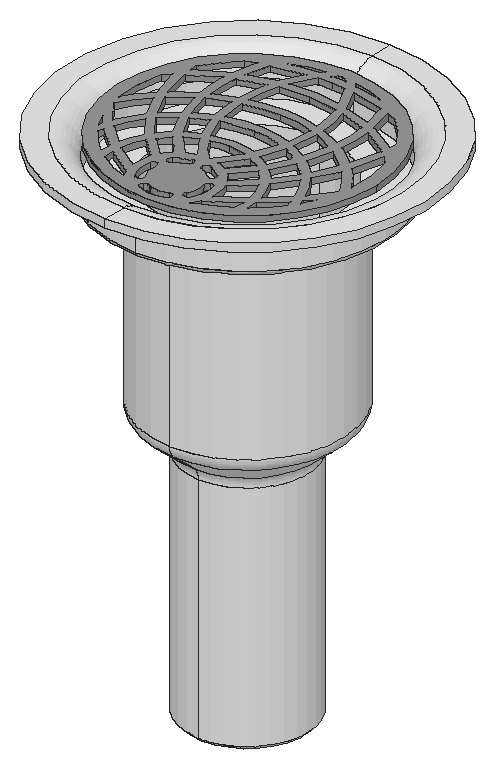
Revit family "PX_Siphon-Purus-Brage-Floor-Drain-75-SS-Drain-Grill", category Plumbing Fixtures, Revit 2016
Family settings
  Part Type = Normal
  Round Connector Dimension = Use Diameter
  Work Plane-Based = No
  Always vertical = Yes
  Cut with Voids When Loaded = No
  Shared = No
  Room Calculation Point = No
Parameters (values of type "PA_SIPHON PURUS BRAGE_Floor Drain_75 SS Drain Grill")
  URL = "https://www.fisa.co.za/"
  Tolani Civil Projects cc URL = "www.tcpbim.co.za"
  Stainless Steel = Stainless Steel, Polished
  PVC = PVC, Unplasticized
  Model = "SIPHON PURUS BRAGE 75 Drain Grill SS"
  Manufacturer = "Floor International"
  Created by = "Tolani Civil Projects cc"
  Contact = "+2711-4864900"
Reference planes
  plane 1 "Center (Front/Back)": y = 0
  plane 2: z = 0
  plane 3 "Center (Left/Right)": x = 0
  plane 4: z = -3.437
  plane 5: z = -320
Forms (mm)
  Revolve 1, solid, material "PVC, Unplasticized" <- "PVC"
    sketch origin (0, 0, 0) x (0, 1, 0) y (0, 0, 1)
      loop
        line (-37.5, -317.912) -> (-35.412, -320) -> (-32.5, -320) -> (-32.5, -174.663)
        arc (-32.5, -174.663) -> (-33.905, -168.324) -> (-37.858, -163.172) r 15
        line (-37.858, -163.172) -> (-53.214, -150.287)
        arc (-53.214, -150.287) -> (-54.532, -148.57) -> (-55, -146.457) r 5
        line (-55, -146.457) -> (-55, -25) -> (-81, -25) -> (-81, -13.437)
        arc (-81, -13.437) -> (-85.393, -2.831) -> (-96, 1.563) r 15
        line (-96, 1.563) -> (-110, 1.563) -> (-110, -3.437) -> (-96, -3.437)
        arc (-96, -3.437) -> (-88.929, -6.366) -> (-86, -13.437) r 10
        line (-86, -13.437) -> (-86, -27.5)
        arc (-86, -27.5) -> (-85.268, -29.268) -> (-83.5, -30) r 2.5
        line (-83.5, -30) -> (-60, -30) -> (-60, -146.457)
        arc (-60, -146.457) -> (-59.063, -150.683) -> (-56.428, -154.118) r 10
        line (-56.428, -154.118) -> (-41.072, -167.003)
        arc (-41.072, -167.003) -> (-38.437, -170.437) -> (-37.5, -174.663) r 10
        line (-37.5, -174.663) -> (-37.5, -317.912)
      axis (0, -320) -> (0, 1.563)
    angle from 0 to 360
  Extrusion 2, solid, material "Stainless Steel, Polished" <- "Stainless Steel"
    sketch origin (0, 0, 0) x (1, 0, 0) y (0, 1, 0)
      loop
        circle (0, 0) r 80
      loop
        arc (-4.286, -40.625) -> (-2.996, -39.724) -> (-2.5, -38.229) r 2.5
        arc (-2.5, -38.229) -> (-3.506, -36.225) -> (-5.714, -35.834) r 2.5
        arc (-5.714, -35.834) -> (-10.301, -37.857) -> (-14.24, -40.957) r 20
        arc (-14.24, -40.957) -> (-14.931, -43.09) -> (-13.634, -44.919) r 2.5
        arc (-13.634, -44.919) -> (-12.082, -45.183) -> (-10.68, -44.467) r 2.5
        arc (-10.68, -44.467) -> (-7.726, -42.142) -> (-4.286, -40.625) r 15
      loop
        arc (0, -30) -> (5.807, -23.304) -> (10.786, -15.97) r 75.15
        arc (10.786, -15.97) -> (5.442, -14.875) -> (0, -14.507) r 40.493
        arc (0, -14.507) -> (-5.442, -14.875) -> (-10.786, -15.97) r 40.493
        arc (-10.786, -15.97) -> (-5.807, -23.304) -> (0, -30) r 75.15
      loop
        arc (6.123, -30.761) -> (9.359, -31.818) -> (12.421, -33.304) r 25
        arc (12.421, -33.304) -> (17.856, -27.639) -> (22.761, -21.51) r 87.594
        arc (22.761, -21.51) -> (19.281, -19.393) -> (15.606, -17.636) r 40.493
        arc (15.606, -17.636) -> (11.197, -24.439) -> (6.123, -30.761) r 80.15
      loop
        arc (16.554, -36.266) -> (18.896, -38.631) -> (20.903, -41.287) r 25
        arc (20.903, -41.287) -> (26.794, -36.14) -> (32.313, -30.597) r 112.609
        arc (32.313, -30.597) -> (29.668, -27.442) -> (26.717, -24.572) r 40.493
        arc (26.717, -24.572) -> (21.88, -30.632) -> (16.554, -36.266) r 92.594
      loop
        arc (23.252, -45.816) -> (24.794, -51.8) -> (24.822, -57.98) r 25
        arc (24.822, -57.98) -> (32.51, -53.201) -> (39.87, -47.93) r 138.78
        arc (39.87, -47.93) -> (38.07, -41.204) -> (35.144, -34.887) r 40.493
        arc (35.144, -34.887) -> (29.386, -40.556) -> (23.252, -45.816) r 117.609
      loop
        arc (23.049, -64.681) -> (21.81, -67.22) -> (20.292, -69.602) r 25
        arc (20.292, -69.602) -> (30.563, -65.743) -> (40.134, -60.378) r 72.5
        arc (40.134, -60.378) -> (40.44, -57.06) -> (40.473, -53.728) r 40.493
        arc (40.473, -53.728) -> (31.957, -59.517) -> (23.049, -64.681) r 143.78
      loop
        arc (35.691, -26.791) -> (40.321, -20.949) -> (44.554, -14.814) r 112.609
        arc (44.554, -14.814) -> (40.752, -10.963) -> (36.618, -7.47) r 60
        arc (36.618, -7.47) -> (33.355, -14.092) -> (29.576, -20.433) r 92.594
        arc (29.576, -20.433) -> (32.788, -23.464) -> (35.691, -26.791) r 45.493
      loop
        arc (58.696, -42.557) -> (58.262, -40.665) -> (57.768, -38.788) r 60
        arc (57.768, -38.788) -> (51.663, -44.621) -> (45.226, -50.086) r 143.78
        arc (45.226, -50.086) -> (45.46, -53.274) -> (45.469, -56.47) r 45.493
        arc (45.469, -56.47) -> (52.545, -49.953) -> (58.696, -42.557) r 72.5
      loop
        arc (69.952, -16.184) -> (64.512, -7.691) -> (58.047, 0.05) r 80
        arc (58.047, 0.05) -> (54.633, -7.277) -> (50.723, -14.353) r 117.609
        arc (50.723, -14.353) -> (55.731, -21.548) -> (59.725, -29.351) r 65
        arc (59.725, -29.351) -> (65.037, -22.921) -> (69.952, -16.184) r 138.78
      loop
        arc (28.27, 66.761) -> (18.984, 69.97) -> (9.35, 71.895) r 72.5
        arc (9.35, 71.895) -> (10.262, 70.706) -> (11.152, 69.502) r 80.15
        arc (11.152, 69.502) -> (19.758, 68.429) -> (28.27, 66.761) r 125
      loop
        arc (44.248, -44.431) -> (50.279, -39.104) -> (55.991, -33.437) r 138.78
        arc (55.991, -33.437) -> (52.45, -25.862) -> (47.89, -18.853) r 60
        arc (47.89, -18.853) -> (43.47, -25.084) -> (38.656, -31.014) r 117.609
        arc (38.656, -31.014) -> (41.991, -37.498) -> (44.248, -44.431) r 45.493
      loop
        arc (25.591, -17.388) -> (29.287, -11.102) -> (32.446, -4.53) r 87.594
        arc (32.446, -4.53) -> (27.952, -1.909) -> (23.247, 0.313) r 60
        arc (23.247, 0.313) -> (20.922, -6.569) -> (17.983, -13.213) r 80.15
        arc (17.983, -13.213) -> (21.887, -15.119) -> (25.591, -17.388) r 45.493
      loop
        arc (62.422, -36.875) -> (64.468, -33.168) -> (66.294, -29.348) r 72.5
        arc (66.294, -29.348) -> (64.04, -32.011) -> (61.722, -34.619) r 143.78
        arc (61.722, -34.619) -> (62.082, -35.744) -> (62.422, -36.875) r 65
      loop
        arc (47.262, -10.376) -> (50.983, -3.391) -> (54.205, 3.837) r 112.609
        arc (54.205, 3.837) -> (48.747, 8.433) -> (42.901, 12.524) r 80
        arc (42.901, 12.524) -> (41.067, 4.825) -> (38.583, -2.69) r 92.594
        arc (38.583, -2.69) -> (43.094, -6.339) -> (47.262, -10.376) r 65
      loop
        arc (34.322, 0.2) -> (36.651, 7.626) -> (38.313, 15.229) r 87.594
        arc (38.313, 15.229) -> (32.443, 18.126) -> (26.355, 20.534) r 80
        arc (26.355, 20.534) -> (25.794, 12.827) -> (24.492, 5.209) r 80.15
        arc (24.492, 5.209) -> (29.513, 2.913) -> (34.322, 0.2) r 65
      loop
        arc (19.748, 6.927) -> (20.949, 14.468) -> (21.378, 22.091) r 75.15
        arc (21.378, 22.091) -> (10.788, 24.269) -> (0, 25) r 80
        arc (0, 25) -> (-10.788, 24.269) -> (-21.378, 22.091) r 80
        arc (-21.378, 22.091) -> (-20.949, 14.468) -> (-19.748, 6.927) r 75.15
        arc (-19.748, 6.927) -> (-9.993, 9.227) -> (0, 10) r 65
        arc (0, 10) -> (9.993, 9.227) -> (19.748, 6.927) r 65
      loop
        arc (13.257, -11.482) -> (16.23, -4.838) -> (18.547, 2.062) r 75.15
        arc (18.547, 2.062) -> (9.389, 4.261) -> (0, 5) r 60
        arc (0, 5) -> (-9.389, 4.261) -> (-18.547, 2.062) r 60
        arc (-18.547, 2.062) -> (-16.23, -4.838) -> (-13.257, -11.482) r 75.15
        arc (-13.257, -11.482) -> (-6.702, -10.004) -> (0, -9.507) r 45.493
        arc (0, -9.507) -> (6.702, -10.004) -> (13.257, -11.482) r 45.493
      loop
        arc (71.861, -9.602) -> (72.299, 5.395) -> (69.64, 20.161) r 72.5
        arc (69.64, 20.161) -> (67.506, 22.084) -> (65.318, 23.947) r 102.465
        arc (65.318, 23.947) -> (63.085, 14.433) -> (60.07, 5.138) r 117.609
        arc (60.07, 5.138) -> (66.376, -1.904) -> (71.861, -9.602) r 85
      loop
        arc (56.097, 8.86) -> (58.876, 18.043) -> (60.863, 27.43) r 112.609
        arc (60.863, 27.43) -> (52.816, 32.803) -> (44.299, 37.394) r 102.465
        arc (44.299, 37.394) -> (44.552, 27.614) -> (43.773, 17.863) r 92.594
        arc (43.773, 17.863) -> (50.137, 13.639) -> (56.097, 8.86) r 85
      loop
        arc (39.057, 20.496) -> (39.586, 30.112) -> (39.056, 39.729) r 87.594
        arc (39.056, 39.729) -> (31.238, 42.587) -> (23.215, 44.8) r 102.465
        arc (23.215, 44.8) -> (25.334, 35.406) -> (26.31, 25.826) r 80.15
        arc (26.31, 25.826) -> (32.792, 23.42) -> (39.057, 20.496) r 85
      loop
        arc (21.226, 27.307) -> (20.019, 36.736) -> (17.632, 45.936) r 75.15
        arc (17.632, 45.936) -> (8.849, 47.082) -> (0, 47.465) r 102.465
        arc (0, 47.465) -> (-8.849, 47.082) -> (-17.632, 45.936) r 102.465
        arc (-17.632, 45.936) -> (-20.019, 36.736) -> (-21.226, 27.307) r 75.15
        arc (-21.226, 27.307) -> (-10.698, 29.324) -> (0, 30) r 85
        arc (0, 30) -> (10.698, 29.324) -> (21.226, 27.307) r 85
      loop
        arc (21.399, 50.312) -> (29.917, 48.216) -> (38.235, 45.433) r 107.465
        arc (38.235, 45.433) -> (36.597, 52.792) -> (34.333, 59.984) r 87.594
        arc (34.333, 59.984) -> (24.624, 62.446) -> (14.744, 64.091) r 120
        arc (14.744, 64.091) -> (18.401, 57.361) -> (21.399, 50.312) r 80.15
      loop
        arc (15.633, 51.321) -> (12.36, 58.196) -> (8.409, 64.705) r 75.15
        arc (8.409, 64.705) -> (4.207, 64.926) -> (0, 65) r 120
        arc (0, 65) -> (-4.207, 64.926) -> (-8.409, 64.705) r 120
        arc (-8.409, 64.705) -> (-12.36, 58.196) -> (-15.633, 51.321) r 75.15
        arc (-15.633, 51.321) -> (-7.837, 52.178) -> (0, 52.465) r 107.465
        arc (0, 52.465) -> (7.837, 52.178) -> (15.633, 51.321) r 107.465
      loop
        arc (4.531, 69.918) -> (3.463, 71.202) -> (2.367, 72.461) r 75.15
        arc (2.367, 72.461) -> (1.183, 72.49) -> (0, 72.5) r 72.5
        arc (0, 72.5) -> (-1.183, 72.49) -> (-2.367, 72.461) r 72.5
        arc (-2.367, 72.461) -> (-3.463, 71.202) -> (-4.531, 69.918) r 75.15
        arc (-4.531, 69.918) -> (-2.266, 69.979) -> (0, 70) r 125
        arc (0, 70) -> (2.266, 69.979) -> (4.531, 69.918) r 125
      loop
        arc (43.656, 43.198) -> (52.901, 38.542) -> (61.656, 33.018) r 107.465
        arc (61.656, 33.018) -> (61.891, 35.229) -> (62.082, 37.444) r 112.609
        arc (62.082, 37.444) -> (55.046, 47.182) -> (46.498, 55.625) r 72.5
        arc (46.498, 55.625) -> (43.402, 56.876) -> (40.272, 58.041) r 120
        arc (40.272, 58.041) -> (42.269, 50.689) -> (43.656, 43.198) r 92.594
      loop
        arc (-6.123, -30.761) -> (-11.197, -24.439) -> (-15.606, -17.636) r 80.15
        arc (-15.606, -17.636) -> (-19.281, -19.393) -> (-22.761, -21.51) r 40.493
        arc (-22.761, -21.51) -> (-17.856, -27.639) -> (-12.421, -33.304) r 87.594
        arc (-12.421, -33.304) -> (-9.359, -31.818) -> (-6.123, -30.761) r 25
      loop
        arc (-16.554, -36.266) -> (-21.88, -30.632) -> (-26.717, -24.572) r 92.594
        arc (-26.717, -24.572) -> (-29.668, -27.442) -> (-32.313, -30.597) r 40.493
        arc (-32.313, -30.597) -> (-26.794, -36.14) -> (-20.903, -41.287) r 112.609
        arc (-20.903, -41.287) -> (-18.896, -38.631) -> (-16.554, -36.266) r 25
      loop
        arc (-23.252, -45.816) -> (-29.386, -40.556) -> (-35.144, -34.887) r 117.609
        arc (-35.144, -34.887) -> (-38.07, -41.204) -> (-39.87, -47.93) r 40.493
        arc (-39.87, -47.93) -> (-32.51, -53.201) -> (-24.822, -57.98) r 138.78
        arc (-24.822, -57.98) -> (-24.794, -51.8) -> (-23.252, -45.816) r 25
      loop
        arc (-23.049, -64.681) -> (-31.957, -59.517) -> (-40.473, -53.728) r 143.78
        arc (-40.473, -53.728) -> (-40.44, -57.06) -> (-40.134, -60.378) r 40.493
        arc (-40.134, -60.378) -> (-30.563, -65.743) -> (-20.292, -69.602) r 72.5
        arc (-20.292, -69.602) -> (-21.81, -67.22) -> (-23.049, -64.681) r 25
      loop
        arc (-35.691, -26.791) -> (-32.788, -23.464) -> (-29.576, -20.433) r 45.493
        arc (-29.576, -20.433) -> (-33.355, -14.092) -> (-36.618, -7.47) r 92.594
        arc (-36.618, -7.47) -> (-40.752, -10.963) -> (-44.554, -14.814) r 60
        arc (-44.554, -14.814) -> (-40.321, -20.949) -> (-35.691, -26.791) r 112.609
      loop
        arc (-58.696, -42.557) -> (-52.545, -49.953) -> (-45.469, -56.47) r 72.5
        arc (-45.469, -56.47) -> (-45.46, -53.274) -> (-45.226, -50.086) r 45.493
        arc (-45.226, -50.086) -> (-51.663, -44.621) -> (-57.768, -38.788) r 143.78
        arc (-57.768, -38.788) -> (-58.262, -40.665) -> (-58.696, -42.557) r 60
      loop
        arc (-69.952, -16.184) -> (-65.037, -22.921) -> (-59.725, -29.351) r 138.78
        arc (-59.725, -29.351) -> (-55.731, -21.548) -> (-50.723, -14.353) r 65
        arc (-50.723, -14.353) -> (-54.633, -7.277) -> (-58.047, 0.05) r 117.609
        arc (-58.047, 0.05) -> (-64.512, -7.691) -> (-69.952, -16.184) r 80
      loop
        arc (-28.27, 66.761) -> (-19.758, 68.429) -> (-11.152, 69.502) r 125
        arc (-11.152, 69.502) -> (-10.262, 70.706) -> (-9.35, 71.895) r 80.15
        arc (-9.35, 71.895) -> (-18.984, 69.97) -> (-28.27, 66.761) r 72.5
      loop
        arc (-44.248, -44.431) -> (-41.991, -37.498) -> (-38.656, -31.014) r 45.493
        arc (-38.656, -31.014) -> (-43.47, -25.084) -> (-47.89, -18.853) r 117.609
        arc (-47.89, -18.853) -> (-52.45, -25.862) -> (-55.991, -33.437) r 60
        arc (-55.991, -33.437) -> (-50.279, -39.104) -> (-44.248, -44.431) r 138.78
      loop
        arc (-25.591, -17.388) -> (-21.887, -15.119) -> (-17.983, -13.213) r 45.493
        arc (-17.983, -13.213) -> (-20.922, -6.569) -> (-23.247, 0.313) r 80.15
        arc (-23.247, 0.313) -> (-27.952, -1.909) -> (-32.446, -4.53) r 60
        arc (-32.446, -4.53) -> (-29.287, -11.102) -> (-25.591, -17.388) r 87.594
      loop
        arc (-62.422, -36.875) -> (-62.082, -35.744) -> (-61.722, -34.619) r 65
        arc (-61.722, -34.619) -> (-64.04, -32.011) -> (-66.294, -29.348) r 143.78
        arc (-66.294, -29.348) -> (-64.468, -33.168) -> (-62.422, -36.875) r 72.5
      loop
        arc (-47.262, -10.376) -> (-43.094, -6.339) -> (-38.583, -2.69) r 65
        arc (-38.583, -2.69) -> (-41.067, 4.825) -> (-42.901, 12.524) r 92.594
        arc (-42.901, 12.524) -> (-48.747, 8.433) -> (-54.205, 3.837) r 80
        arc (-54.205, 3.837) -> (-50.983, -3.391) -> (-47.262, -10.376) r 112.609
      loop
        arc (-34.322, 0.2) -> (-29.513, 2.913) -> (-24.492, 5.209) r 65
        arc (-24.492, 5.209) -> (-25.794, 12.827) -> (-26.355, 20.534) r 80.15
        arc (-26.355, 20.534) -> (-32.443, 18.126) -> (-38.313, 15.229) r 80
        arc (-38.313, 15.229) -> (-36.651, 7.626) -> (-34.322, 0.2) r 87.594
      loop
        arc (-71.861, -9.602) -> (-66.376, -1.904) -> (-60.07, 5.138) r 85
        arc (-60.07, 5.138) -> (-63.085, 14.433) -> (-65.318, 23.947) r 117.609
        arc (-65.318, 23.947) -> (-67.506, 22.084) -> (-69.64, 20.161) r 102.465
        arc (-69.64, 20.161) -> (-72.299, 5.395) -> (-71.861, -9.602) r 72.5
      loop
        arc (-56.097, 8.86) -> (-50.137, 13.639) -> (-43.773, 17.863) r 85
        arc (-43.773, 17.863) -> (-44.552, 27.614) -> (-44.299, 37.394) r 92.594
        arc (-44.299, 37.394) -> (-52.816, 32.803) -> (-60.863, 27.43) r 102.465
        arc (-60.863, 27.43) -> (-58.876, 18.043) -> (-56.097, 8.86) r 112.609
      loop
        arc (-39.057, 20.496) -> (-32.792, 23.42) -> (-26.31, 25.826) r 85
        arc (-26.31, 25.826) -> (-25.334, 35.406) -> (-23.215, 44.8) r 80.15
        arc (-23.215, 44.8) -> (-31.238, 42.587) -> (-39.056, 39.729) r 102.465
        arc (-39.056, 39.729) -> (-39.586, 30.112) -> (-39.057, 20.496) r 87.594
      loop
        arc (-21.399, 50.312) -> (-18.401, 57.361) -> (-14.744, 64.091) r 80.15
        arc (-14.744, 64.091) -> (-24.624, 62.446) -> (-34.333, 59.984) r 120
        arc (-34.333, 59.984) -> (-36.597, 52.792) -> (-38.235, 45.433) r 87.594
        arc (-38.235, 45.433) -> (-29.917, 48.216) -> (-21.399, 50.312) r 107.465
      loop
        arc (-43.656, 43.198) -> (-42.269, 50.689) -> (-40.272, 58.041) r 92.594
        arc (-40.272, 58.041) -> (-43.402, 56.876) -> (-46.498, 55.625) r 120
        arc (-46.498, 55.625) -> (-55.046, 47.182) -> (-62.082, 37.444) r 72.5
        arc (-62.082, 37.444) -> (-61.891, 35.229) -> (-61.656, 33.018) r 112.609
        arc (-61.656, 33.018) -> (-52.901, 38.542) -> (-43.656, 43.198) r 107.465
      loop
        arc (-5.714, -74.166) -> (1.449, -74.947) -> (8.425, -73.139) r 20
        arc (8.425, -73.139) -> (9.819, -71.382) -> (9.244, -69.214) r 2.5
        arc (9.244, -69.214) -> (7.883, -68.424) -> (6.319, -68.604) r 2.5
        arc (6.319, -68.604) -> (1.087, -69.961) -> (-4.286, -69.375) r 15
        arc (-4.286, -69.375) -> (-5.316, -69.026) -> (-6.319, -68.604) r 15
        arc (-6.319, -68.604) -> (-7.883, -68.424) -> (-9.244, -69.214) r 2.5
        arc (-9.244, -69.214) -> (-9.819, -71.382) -> (-8.425, -73.139) r 2.5
        arc (-8.425, -73.139) -> (-7.088, -73.702) -> (-5.714, -74.166) r 20
      loop
        arc (2.5, -38.229) -> (2.996, -39.724) -> (4.286, -40.625) r 2.5
        arc (4.286, -40.625) -> (7.726, -42.142) -> (10.68, -44.467) r 15
        arc (10.68, -44.467) -> (12.082, -45.183) -> (13.634, -44.919) r 2.5
        arc (13.634, -44.919) -> (14.931, -43.09) -> (14.24, -40.957) r 2.5
        arc (14.24, -40.957) -> (10.301, -37.857) -> (5.714, -35.834) r 20
        arc (5.714, -35.834) -> (3.506, -36.225) -> (2.5, -38.229) r 2.5
      loop
        arc (-12.988, -65.9) -> (-12.369, -64.453) -> (-12.737, -62.923) r 2.5
        arc (-12.737, -62.923) -> (-14.761, -57.667) -> (-14.704, -52.036) r 15
        arc (-14.704, -52.036) -> (-14.895, -50.473) -> (-15.981, -49.334) r 2.5
        arc (-15.981, -49.334) -> (-18.223, -49.281) -> (-19.606, -51.047) r 2.5
        arc (-19.606, -51.047) -> (-19.681, -58.556) -> (-16.983, -65.564) r 20
        arc (-16.983, -65.564) -> (-15.07, -66.734) -> (-12.988, -65.9) r 2.5
      loop
        arc (12.988, -65.9) -> (15.07, -66.734) -> (16.983, -65.564) r 2.5
        arc (16.983, -65.564) -> (19.681, -58.556) -> (19.606, -51.047) r 20
        arc (19.606, -51.047) -> (18.223, -49.281) -> (15.981, -49.334) r 2.5
        arc (15.981, -49.334) -> (14.895, -50.473) -> (14.704, -52.036) r 2.5
        arc (14.704, -52.036) -> (14.761, -57.667) -> (12.737, -62.923) r 15
        arc (12.737, -62.923) -> (12.369, -64.453) -> (12.988, -65.9) r 2.5
    from 0 to -3.437
Dimensions and locks
  locked: level to plane 4 at 3.437
  level to plane 5 = 320 mm
  locked: plane 1 "Center (Front/Back)" to Revolve 1 sketch curve at 37.5
  plane 1 "Center (Front/Back)" to Revolve 1 sketch curve = 110 mm
  Revolve 1 sketch curve to plane 5 = 152.997 mm
  plane 1 "Center (Front/Back)" to Revolve 1 sketch curve = 86 mm
  level to Revolve 1 sketch curve = 30 mm
  aligned and locked: level to plane 2
  aligned and locked: Extrusion 2 to plane 4
Connectors
  piping at (0, 0, -320), diameter 75
    settings: on Revolve 1, index 1, connector inside diameter 75 mm, connector length 0 mm, flow factor 0, pipe flow 0.0 L/s, pressure drop 0.0 Pa, fitting loss kfactor 0, connector angle 0.00°, fixture units 0, engagement length 0 mm, angle of deflection 0.00°, flow configuration 0, flow direction 2, fitting loss method 0, system type 16, joint type 0, gender type 0, connector reference index -1, connector utility 0, adjustable connector no, is connector primary yes, connector description ""
